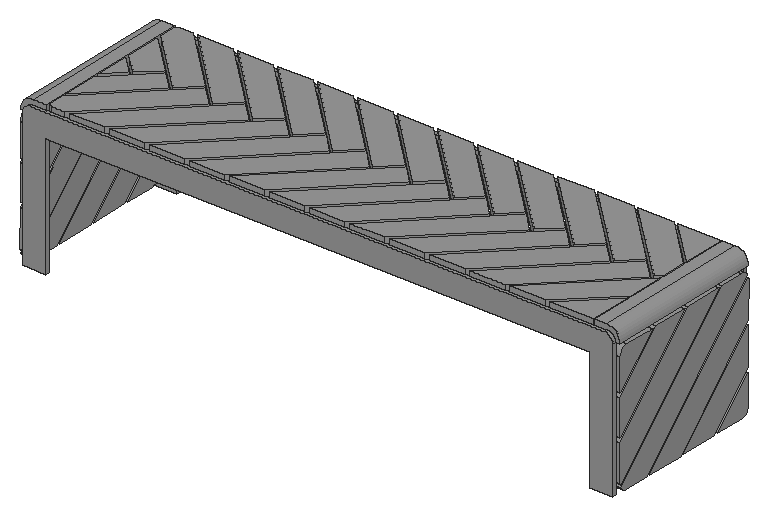
Revit family "Скамейка стальная «Кастилия» без спинки Арт 20022", category Антураж, Revit 2018
Family settings
  На основе рабочей плоскости = Нет
  Всегда вертикально = Да
  При загрузке вырезать с полостями = Нет
  Источник визуального образа = Геометрия семейства
  Общий = Нет
  Точка расчета площади = Нет
Parameters (values of type "Скамейка стальная «Кастилия» без спинки")
  Ширина = 500 mm  # constant formula
  Цвет сидения = Дерево
  Цвет основания = Сталь
  Описание = "Скамейка стальная «Кастилия» без спинки"  # constant formula
  Материал изделия = "Сталь, дерево"  # constant formula
  Изображение типоразмера = Скамейка стальная «Кастилия» без спинки Арт. 20022.jpg
  Изготовитель = "ООО «Хоббика»"  # constant formula
  Длина = 1800 mm  # constant formula
  Группа модели = "Скамейки"  # constant formula
  Высота = 450 mm  # constant formula
  Артикул товара = "Арт. 20022"  # constant formula
  URL = "https://hobbyka.ru/product/skameyka_kastiliya/"
Reference planes
  plane 1 "По центру (Вперед/Назад)": y = 0
  plane 2: z = 0
  plane 3 "По центру (Влево/Вправо)": x = 0
  plane 4: x = 1800
  plane 5: y = 500
  plane 6: z = 450
Forms (mm)
  Extrusion 1, solid, material "Сталь" <- "Цвет основания"
    sketch origin (0, 0, 0) x (1, 0, 0) y (0, 0, 1)
      loop
        line (15, 0) -> (85, 0) -> (85, 365) -> (1715, 365) -> (1715, 0) -> (1785, 0) -> (1785, 410)
        arc (1785, 410) -> (1777.678, 427.678) -> (1760, 435) r 25
        line (1760, 435) -> (40, 435)
        arc (40, 435) -> (22.322, 427.678) -> (15, 410) r 25
        line (15, 410) -> (15, 0)
    from 0 to -10
  Extrusion 2, solid, material "Сталь" <- "Цвет основания"
    sketch origin (0, 0, 0) x (1, 0, 0) y (0, 0, 1)
      loop
        line (15, 0) -> (85, 0) -> (85, 365) -> (1715, 365) -> (1715, 0) -> (1785, 0) -> (1785, 410)
        arc (1785, 410) -> (1777.678, 427.678) -> (1760, 435) r 25
        line (1760, 435) -> (40, 435)
        arc (40, 435) -> (22.322, 427.678) -> (15, 410) r 25
        line (15, 410) -> (15, 0)
    from -490 to -500
  Extrusion 3, solid, material "Дерево" <- "Цвет сидения"
    sketch origin (0, 0, 0) x (1, 0, 0) y (0, 0, 1)
      loop
        arc (40, 450) -> (11.716, 438.284) -> (0, 410) r 40
        line (0, 410) -> (30, 410)
        arc (30, 410) -> (32.929, 417.071) -> (40, 420) r 10
        line (40, 420) -> (80, 420) -> (80, 450) -> (40, 450)
      loop
        line (1760, 450) -> (1720, 450) -> (1720, 420) -> (1760, 420)
        arc (1760, 420) -> (1767.071, 417.071) -> (1770, 410) r 10
        line (1770, 410) -> (1800, 410)
        arc (1800, 410) -> (1788.284, 438.284) -> (1760, 450) r 40
    from -10 to -490
  Extrusion 4, solid, material "Дерево" <- "Цвет сидения"
    sketch origin (0, 0, 0) x (0, 1, 0) y (0, 0, 1)
      loop
        line (465, 400) -> (391.838, 400) -> (13.719, 21.881)
        arc (13.719, 21.881) -> (22.813, 13.171) -> (35, 10) r 25
        line (35, 10) -> (107.904, 10) -> (486.182, 388.278)
        arc (486.182, 388.278) -> (477.105, 396.874) -> (465, 400) r 25
      loop
        line (490, 35) -> (490, 123.396) -> (376.604, 10) -> (465, 10)
        arc (465, 10) -> (482.678, 17.322) -> (490, 35) r 25
      loop
        line (10, 375) -> (10, 279.792) -> (130.208, 400) -> (35, 400)
        arc (35, 400) -> (17.322, 392.678) -> (10, 375) r 25
      loop
        line (10, 265.65) -> (10, 159.584) -> (250.416, 400) -> (144.35, 400) -> (10, 265.65)
      loop
        line (10, 145.442) -> (10, 35)
        arc (10, 35) -> (10.033, 33.716) -> (10.132, 32.436) r 25
        line (10.132, 32.436) -> (377.696, 400) -> (264.558, 400) -> (10, 145.442)
      loop
        line (122.046, 10) -> (235.183, 10) -> (490, 264.817) -> (490, 375)
        arc (490, 375) -> (489.961, 376.401) -> (489.843, 377.797) r 25
        line (489.843, 377.797) -> (122.046, 10)
      loop
        line (249.325, 10) -> (362.462, 10) -> (490, 137.538) -> (490, 250.675) -> (249.325, 10)
    from 0 to 30
  Extrusion 5, solid, material "Дерево" <- "Цвет сидения"
    sketch origin (1800, 0, 0) x (0, 1, 0) y (0, 0, -1)
      loop
        arc (465, -400) -> (477.105, -396.874) -> (486.182, -388.278) r 25
        line (486.182, -388.278) -> (107.904, -10) -> (35, -10)
        arc (35, -10) -> (22.813, -13.171) -> (13.719, -21.881) r 25
        line (13.719, -21.881) -> (391.838, -400) -> (465, -400)
      loop
        arc (490, -35) -> (482.678, -17.322) -> (465, -10) r 25
        line (465, -10) -> (376.604, -10) -> (490, -123.396) -> (490, -35)
      loop
        arc (10, -375) -> (17.322, -392.678) -> (35, -400) r 25
        line (35, -400) -> (130.208, -400) -> (10, -279.792) -> (10, -375)
      loop
        line (10, -265.65) -> (144.35, -400) -> (250.416, -400) -> (10, -159.584) -> (10, -265.65)
      loop
        line (10, -145.442) -> (264.558, -400) -> (377.696, -400) -> (10.132, -32.436)
        arc (10.132, -32.436) -> (10.033, -33.716) -> (10, -35) r 25
        line (10, -35) -> (10, -145.442)
      loop
        line (122.046, -10) -> (489.843, -377.797)
        arc (489.843, -377.797) -> (489.961, -376.401) -> (490, -375) r 25
        line (490, -375) -> (490, -264.817) -> (235.183, -10) -> (122.046, -10)
      loop
        line (249.325, -10) -> (490, -250.675) -> (490, -137.538) -> (362.462, -10) -> (249.325, -10)
    from 0 to 30
  Extrusion 6, solid, material "Дерево" <- "Цвет сидения"
    sketch origin (0, 0, 0) x (1, 0, 0) y (0, 1, 0)
      loop
        line (133.033, 490) -> (95, 490)
        arc (95, 490) -> (84.393, 485.607) -> (80, 475) r 15
        line (80, 475) -> (80, 436.967) -> (259.896, 257.071) -> (312.929, 310.104) -> (133.033, 490)
      loop
        line (80, 77.175) -> (252.825, 250) -> (199.792, 303.033) -> (80, 183.241) -> (80, 77.175)
      loop
        line (320, 303.033) -> (80, 63.033) -> (80, 25)
        arc (80, 25) -> (84.393, 14.393) -> (95, 10) r 15
        line (95, 10) -> (133.033, 10) -> (373.033, 250) -> (320, 303.033)
      loop
        line (139.688, 257.071) -> (192.721, 310.104) -> (80, 422.825) -> (80, 316.759) -> (139.688, 257.071)
      loop
        line (80, 302.617) -> (80, 197.383) -> (132.617, 250) -> (80, 302.617)
      loop
        line (147.175, 490) -> (380.104, 257.071) -> (433.137, 310.104) -> (253.241, 490) -> (147.175, 490)
      loop
        line (440.208, 303.033) -> (147.175, 10) -> (253.241, 10) -> (493.241, 250) -> (440.208, 303.033)
      loop
        line (267.383, 490) -> (500.312, 257.071) -> (553.345, 310.104) -> (373.449, 490) -> (267.383, 490)
      loop
        line (560.416, 303.033) -> (267.383, 10) -> (373.449, 10) -> (613.449, 250) -> (560.416, 303.033)
      loop
        line (387.591, 490) -> (620.52, 257.071) -> (673.553, 310.104) -> (493.657, 490) -> (387.591, 490)
      loop
        line (680.624, 303.033) -> (387.591, 10) -> (493.657, 10) -> (733.657, 250) -> (680.624, 303.033)
      loop
        line (507.8, 490) -> (740.729, 257.071) -> (793.762, 310.104) -> (613.866, 490) -> (507.8, 490)
      loop
        line (800.833, 303.033) -> (507.8, 10) -> (613.866, 10) -> (853.866, 250) -> (800.833, 303.033)
      loop
        line (628.008, 490) -> (860.937, 257.071) -> (913.97, 310.104) -> (734.074, 490) -> (628.008, 490)
      loop
        line (921.041, 303.033) -> (628.008, 10) -> (734.074, 10) -> (974.074, 250) -> (921.041, 303.033)
      loop
        line (748.216, 490) -> (981.145, 257.071) -> (1034.178, 310.104) -> (854.282, 490) -> (748.216, 490)
      loop
        line (1041.249, 303.033) -> (748.216, 10) -> (854.282, 10) -> (1094.282, 250) -> (1041.249, 303.033)
      loop
        line (868.424, 490) -> (1101.353, 257.071) -> (1154.386, 310.104) -> (974.49, 490) -> (868.424, 490)
      loop
        line (1161.457, 303.033) -> (868.424, 10) -> (974.49, 10) -> (1214.49, 250) -> (1161.457, 303.033)
      loop
        line (988.632, 490) -> (1221.561, 257.071) -> (1274.594, 310.104) -> (1094.698, 490) -> (988.632, 490)
      loop
        line (1281.665, 303.033) -> (988.632, 10) -> (1094.698, 10) -> (1334.698, 250) -> (1281.665, 303.033)
      loop
        line (1108.84, 490) -> (1341.769, 257.071) -> (1394.802, 310.104) -> (1214.906, 490) -> (1108.84, 490)
      loop
        line (1401.873, 303.033) -> (1108.84, 10) -> (1214.906, 10) -> (1454.906, 250) -> (1401.873, 303.033)
      loop
        line (1229.049, 490) -> (1461.977, 257.071) -> (1515.01, 310.104) -> (1335.115, 490) -> (1229.049, 490)
      loop
        line (1522.082, 303.033) -> (1229.049, 10) -> (1335.115, 10) -> (1575.115, 250) -> (1522.082, 303.033)
      loop
        line (1349.257, 490) -> (1582.186, 257.071) -> (1635.219, 310.104) -> (1455.323, 490) -> (1349.257, 490)
      loop
        line (1642.29, 303.033) -> (1349.257, 10) -> (1455.323, 10) -> (1695.323, 250) -> (1642.29, 303.033)
      loop
        line (1469.465, 490) -> (1702.394, 257.071) -> (1720, 274.677) -> (1720, 345.531) -> (1575.531, 490) -> (1469.465, 490)
      loop
        line (1720, 260.535) -> (1469.465, 10) -> (1575.531, 10) -> (1720, 154.469) -> (1720, 260.535)
      loop
        line (1589.673, 490) -> (1720, 359.673) -> (1720, 490) -> (1589.673, 490)
      loop
        line (1720, 140.327) -> (1589.673, 10) -> (1720, 10) -> (1720, 140.327)
    from 420 to 450
Dimensions and locks
  "Длина": plane 3 "По центру (Влево/Вправо)" to plane 4
  "Ширина": plane 5 to plane 1 "По центру (Вперед/Назад)"
  "Высота": plane 6 to level
  Extrusion 3 to Extrusion 3 = 1640 mm
  aligned and locked: level to plane 2
Automatic sketch dimensions
  Extrusion 1 sketch curve to level = 0 mm  (x2)
  plane 3 "По центру (Влево/Вправо)" to Extrusion 1 sketch curve = 15 mm
  Extrusion 1 sketch curve to plane 6 = 15 mm
  Extrusion 1 sketch curve to Extrusion 1 sketch curve = 25 mm
  Extrusion 1 sketch curve to Extrusion 1 sketch curve = 70 mm
  Extrusion 1 sketch curve to plane 4 = 85 mm
  Extrusion 1 sketch curve to plane 4 = 40 mm
  Extrusion 1 sketch curve to plane 4 = 15 mm
  Extrusion 1 sketch curve to Extrusion 1 sketch curve = 45 mm
  Extrusion 2 sketch curve to level = 0 mm  (x2)
  plane 3 "По центру (Влево/Вправо)" to Extrusion 2 sketch curve = 15 mm
  Extrusion 2 sketch curve to plane 6 = 15 mm
  Extrusion 2 sketch curve to Extrusion 2 sketch curve = 25 mm
  Extrusion 2 sketch curve to Extrusion 2 sketch curve = 70 mm
  Extrusion 2 sketch curve to plane 4 = 85 mm
  Extrusion 2 sketch curve to plane 4 = 40 mm
  Extrusion 2 sketch curve to plane 4 = 15 mm
  Extrusion 2 sketch curve to Extrusion 2 sketch curve = 45 mm
  Extrusion 3 sketch curve to Extrusion 3 sketch curve = 0 mm  (x4)
  Extrusion 3 sketch curve to plane 3 "По центру (Влево/Вправо)" = 0 mm
  Extrusion 3 sketch curve to plane 6 = 0 mm  (x2)
  Extrusion 3 sketch curve to plane 4 = 0 mm
  Extrusion 3 sketch curve to Extrusion 3 sketch curve = 30 mm
  plane 3 "По центру (Влево/Вправо)" to Extrusion 3 sketch curve = 40 mm
  Extrusion 3 sketch curve to Extrusion 3 sketch curve = 40 mm  (x2)
  Extrusion 3 sketch curve to plane 4 = 80 mm
  Extrusion 3 sketch curve to Extrusion 3 sketch curve = 10 mm
  Extrusion 4 sketch curve to Extrusion 4 sketch curve = 0 mm  (x4)
  Extrusion 4 sketch curve to plane 1 "По центру (Вперед/Назад)" = 10 mm  (x3)
  Extrusion 4 sketch curve to Extrusion 4 sketch curve = 0.132 mm
  Extrusion 4 sketch curve to Extrusion 4 sketch curve = 3.587 mm
  Extrusion 4 sketch curve to Extrusion 4 sketch curve = 21.281 mm
  Extrusion 4 sketch curve to Extrusion 4 sketch curve = 25 mm
  level to Extrusion 4 sketch curve = 10 mm  (x4)
  Extrusion 4 sketch curve to Extrusion 4 sketch curve = 72.904 mm
  Extrusion 4 sketch curve to Extrusion 4 sketch curve = 14.142 mm  (x10)
  Extrusion 4 sketch curve to Extrusion 4 sketch curve = 95.208 mm
  Extrusion 4 sketch curve to Extrusion 4 sketch curve = 113.137 mm  (x4)
  Extrusion 4 sketch curve to plane 6 = 50 mm  (x2)
  Extrusion 4 sketch curve to Extrusion 4 sketch curve = 106.066 mm  (x2)
  Extrusion 4 sketch curve to plane 5 = 35 mm  (x2)
  Extrusion 4 sketch curve to plane 5 = 13.818 mm
  Extrusion 4 sketch curve to plane 5 = 10.157 mm
  Extrusion 4 sketch curve to plane 5 = 10 mm  (x3)
  level to Extrusion 4 sketch curve = 21.881 mm
  Extrusion 4 sketch curve to Extrusion 4 sketch curve = 88.396 mm
  Extrusion 4 sketch curve to Extrusion 4 sketch curve = 110.442 mm
  Extrusion 4 sketch curve to plane 6 = 75 mm  (x2)
  Extrusion 4 sketch curve to Extrusion 4 sketch curve = 10.481 mm
  Extrusion 5 sketch curve to Extrusion 5 sketch curve = 0 mm  (x5)
  Extrusion 5 sketch curve to plane 1 "По центру (Вперед/Назад)" = 10 mm  (x3)
  Extrusion 5 sketch curve to Extrusion 5 sketch curve = 0.132 mm
  Extrusion 5 sketch curve to Extrusion 5 sketch curve = 3.587 mm
  Extrusion 5 sketch curve to Extrusion 5 sketch curve = 25 mm  (x2)
  level to Extrusion 5 sketch curve = 10 mm  (x4)
  Extrusion 5 sketch curve to Extrusion 5 sketch curve = 72.904 mm
  Extrusion 5 sketch curve to Extrusion 5 sketch curve = 14.142 mm  (x10)
  Extrusion 5 sketch curve to Extrusion 5 sketch curve = 95.208 mm  (x2)
  Extrusion 5 sketch curve to Extrusion 5 sketch curve = 113.137 mm  (x3)
  Extrusion 5 sketch curve to plane 6 = 50 mm  (x3)
  Extrusion 5 sketch curve to Extrusion 5 sketch curve = 106.066 mm  (x2)
  Extrusion 5 sketch curve to plane 5 = 35 mm  (x2)
  Extrusion 5 sketch curve to plane 5 = 13.818 mm
  Extrusion 5 sketch curve to plane 5 = 10.157 mm
  Extrusion 5 sketch curve to plane 5 = 10 mm  (x3)
  Extrusion 5 sketch curve to Extrusion 5 sketch curve = 11.722 mm
  Extrusion 5 sketch curve to Extrusion 5 sketch curve = 110.183 mm
  Extrusion 5 sketch curve to Extrusion 5 sketch curve = 102.538 mm
  level to Extrusion 5 sketch curve = 35 mm
  plane 3 "По центру (Влево/Вправо)" to Extrusion 6 sketch curve = 80 mm  (x3)
  Extrusion 6 sketch curve to Extrusion 6 sketch curve = 0 mm  (x5)
  Extrusion 6 sketch curve to plane 1 "По центру (Вперед/Назад)" = 10 mm  (x14)
  Extrusion 6 sketch curve to Extrusion 6 sketch curve = 15 mm  (x2)
  Extrusion 6 sketch curve to Extrusion 6 sketch curve = 52.617 mm  (x2)
  Extrusion 6 sketch curve to Extrusion 6 sketch curve = 38.033 mm  (x2)
  Extrusion 6 sketch curve to plane 5 = 10 mm  (x14)
  Extrusion 6 sketch curve to Extrusion 6 sketch curve = 7.071 mm  (x31)
  Extrusion 6 sketch curve to Extrusion 6 sketch curve = 14.142 mm  (x31)
  Extrusion 6 sketch curve to Extrusion 6 sketch curve = 53.033 mm  (x7)
  Extrusion 6 sketch curve to Extrusion 6 sketch curve = 106.066 mm  (x24)
  Extrusion 6 sketch curve to plane 5 = 189.896 mm  (x4)
  Extrusion 6 sketch curve to plane 1 "По центру (Вперед/Назад)" = 250 mm
  Extrusion 6 sketch curve to plane 5 = 196.967 mm  (x9)
  Extrusion 6 sketch curve to plane 5 = 242.929 mm  (x7)
  Extrusion 6 sketch curve to plane 4 = 80 mm  (x2)
  Extrusion 6 sketch curve to Extrusion 6 sketch curve = 109.673 mm
  Extrusion 6 sketch curve to Extrusion 6 sketch curve = 70.854 mm
